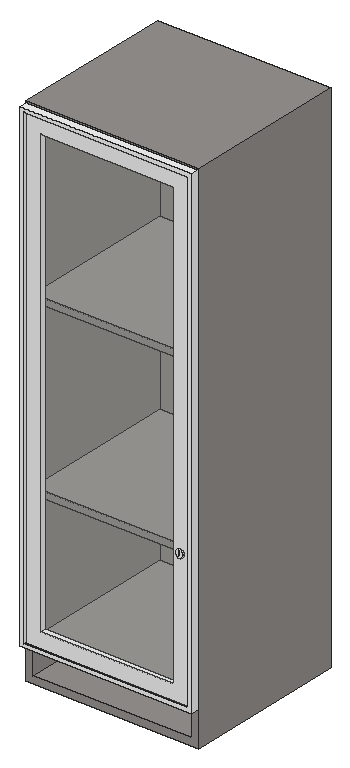
Revit family "Storage-Mounted-Teknion-BRLG_Cubic-with_Full_Glass_Doors-Low_Secondary-R2015", category Furniture, Revit 2015
Parameters (values of type "18"d x 18"w x 72"h")
  Warranty = "http://www.teknion.com/ca/papers/legal-canada"
  Wardrobe Cut Hole Depth [instance] = if(Wardrobe, 19.348", 0.500")  # 0.500"
  Wardrobe [instance] = not(Shelves)  # no
  Unit Weight URL = "http://www.teknion.com/ca/tools/assets#&asset=bee6a381-b954-425e-8283-5a2de3a804f2,f828d448-4b62-4231-9e5f-9a8991c0ed77"
  URL = "www.teknion.com"
  Sustainability Data = "http://www.teknion.com/ca/tools/assets#&topic=216f99a5-57a0-44fc-b10a-9dee9b29ae4c&asset=444deb64-fe58-4b68-981e-f75e97781df7"
  Shelf Vertical Offset [instance] = if(Height = 66.000", 15.756", 17.836")  # 17.836"
  Series = "Expansion Casegoods"  # constant formula
  Individual Doors Cut Hole Depth [instance] = if(Shelves, 19.348", 0.500")  # 19.348"
  Product Page URL = "http://www.teknion.com/ca/products/product-details?productlineid=0053336e-8e7a-673b-a6c8-ff00004460c4"
  Product Line = "Expansion Casegoods"  # constant formula
  Product Documentation Link = "http://www.teknion.com/pricing/expansion-casegoods/pdfs/BRLG_ppg.pdf"
  Part Number = "BRLG"  # constant formula
  Model = "BRLG_181872_"
  Manufacturer Phone = "416-661-3370"  # constant formula
  Manufacturer Fax = "416.661.4586"  # constant formula
  Manufacturer Contact Information = "http://www.teknion.com/ca/contactus"
  Manufacturer Address = "1150 Flint Road, Toronto, ON. M3J 2J5. Canada"  # constant formula
  Manufacturer = "Teknion"  # constant formula
  Shelves [instance] = yes
  Height = 72.000"
  Glass Finish [instance] = Back-painted Glass - K7 - Teknion - Very White
  Frame Finish [instance] = Mica - Teknion - V - Satin - Very White
  Description = "Tower with Full Glass Door – Low Secondary Desk Mounted,18\"d x 18\"w x 72\"h"
  Case Finish [instance] = Source Laminate - Teknion - DE - Latte
  Assembly Code = "E2020200"
  Actual Height = if(Height = 66.000", 65.165", 71.405")  # 71.405"
Types (3): name | Shelf Vertical Offset | Model | Height | Description | Actual Height
  (no name) | 17.836" | "BRLG_181872_" | 72.000" | "Tower with Full Glass Door – Low Secondary Desk Mounted,18\"d x 18\"w x 72\"h" | 71.405"
  18"d x 18"w x 66"h | 15.756" | "BRLG_181866_" | 66.000" | "Tower with Full Glass Door – Low Secondary Desk Mounted,18\"d x 18\"w x 66\"h" | 65.165"
  18"d x 18"w x 72"h | 17.836" | "BRLG_181872_" | 72.000" | "Tower with Full Glass Door – Low Secondary Desk Mounted,18\"d x 18\"w x 72\"h" | 71.405"
Reference planes (in)
  plane 1 "Center Front/Back": y = 0
  plane 2: z = 0
  plane 3 "Center Left/Right": x = 0
  plane 4 "Left": x = -8.955
  plane 5 "Right": x = 8.955
  plane 6 "Back": y = 8.58071
  plane 7 "Front": y = -8.58071
  plane 8 "Top": z = 71.405
  plane 9: y = -8.7185
  plane 10: y = -9.41929
  plane 11: z = 53.4506
  plane 12: z = 53.33262
  plane 13: z = 35.49662
  plane 14: z = 35.37851
  plane 15: z = 17.54251
  plane 16: z = 71.28689
  plane 17: x = -8.254
  plane 18: x = 8.254
  plane 19: y = 7.87971
  plane 20: z = 17.4244
  plane 21: y = -11.4685
  plane 22: y = -9.18307
  plane 23: y = -9.30118
  plane 24: z = 70.70377
Forms (in)
  Extrusion 1, solid, material "Source Laminate - Teknion - DE - Latte" <- "Case Finish"
    sketch origin (0, 0, 0) x (1, 0, 0) y (0, 1, 0)
      loop
        line (-8.955, 8.58071) -> (-8.955, -8.58071) -> (8.955, -8.58071) -> (8.955, 8.58071) -> (-8.955, 8.58071)
    from 17.4244 to 71.405
  Extrusion 2, solid, material "Mica - Teknion - V - Satin - Very White" <- "Frame Finish"
    sketch origin (-8.955, -8.7185, 48) x (-1, 0, 0) y (0, 0, 1)
      loop
        line (-0.05906, 23.28689) -> (-17.85094, 23.28689) -> (-17.85094, -26.97324) -> (-0.05906, -26.97324) -> (-0.05906, 23.28689)
      loop
        line (-17.47693, 22.91243) -> (-17.47693, -26.59922) -> (-0.43307, -26.59922) -> (-0.43307, 22.91243) -> (-17.47693, 22.91243)
    from 0.1378 to -0.70079
  Extrusion 3, solid, material "Mica - Teknion - V - Satin - Very White"
    sketch origin (-8.955, -9.41929, 32.10272) x (-1, 0, 0) y (0, 0, 1)
      loop
        line (-16.62063, 3.50082) -> (-16.62063, 3.1268) -> (-16.5222, 3.1268) -> (-16.5222, 3.50082) -> (-16.62063, 3.50082)
      loop
        circle (-16.57142, 3.31381) r 0.40008
    from 0.11811 to 0.05906
  Extrusion 4, solid, material "Back-painted Glass - K7 - Teknion - Very White" <- "Glass Finish"
    sketch origin (-8.52193, -9.18307, 48) x (-1, 0, 0) y (0, 0, 1)
      loop
        line (0, 22.91243) -> (-17.04386, 22.91243) -> (-17.04386, -26.59922) -> (0, -26.59922) -> (0, 22.91243)
    from 0 to -0.11811
  Extrusion 5, solid, material "Mica - Teknion - V - Satin - Very White" <- "Frame Finish"
    sketch origin (-8.52193, -9.18307, 48) x (-1, 0, 0) y (0, 0, 1)
      loop
        line (-17.04386, 22.91243) -> (-17.04386, -26.59922) -> (0, -26.59922) -> (0, 22.91243) -> (-17.04386, 22.91243)
      loop
        line (-1.59449, -25.00473) -> (-1.59449, 21.31794) -> (-15.44937, 21.31794) -> (-15.44937, -25.00473) -> (-1.59449, -25.00473)
    from 0 to 0.46457
  Extrusion 6, void
    sketch origin (-8.52193, -9.18307, 48) x (1, 0, 0) y (0, 0, 1)
      loop
        line (0.26793, 5.75369) -> (16.77593, 5.75369) -> (16.77593, 22.70377) -> (0.26793, 22.70377) -> (0.26793, 5.75369)
      loop
        line (0.26793, -12.22395) -> (16.77593, -12.22395) -> (16.77593, 5.0529) -> (0.26793, 5.0529) -> (0.26793, -12.22395)
      loop
        line (0.26793, -12.92473) -> (0.26793, -26.33151) -> (16.77593, -26.33151) -> (16.77593, -12.92473) -> (0.26793, -12.92473)
    from -17.06257 to 2.28543
  Extrusion 7, void
    sketch origin (-8.955, -11.4685, 48) x (1, 0, 0) y (0, 0, 1)
      loop
        line (0.70079, -27.03229) -> (0.70079, -29.87481) -> (17.20921, -29.87481) -> (17.20921, -27.03229) -> (0.70079, -27.03229)
    from -2.8878 to -19.34821
  Extrusion 8, void
    sketch origin (-8.955, -11.4685, 48) x (1, 0, 0) y (0, 0, 1)
      loop
        line (0.701, -26.33151) -> (17.209, -26.33151) -> (17.209, 22.70377) -> (0.701, 22.70377) -> (0.701, -26.33151)
    from 0 to -0.5
Cuts and joins
  Extrusion 6, Extrusion 7, Extrusion 8 cuts Extrusion 1
Lines and regions (in)
  Masking region 1, detail levels fine
    outline origin (0, 0.11811, 0) x (1, 0, 0) y (0, 1, 0)
      loop
        line (7.21649, -9.47835) -> (8.01649, -9.47835) -> (8.01649, -9.41929) -> (7.21649, -9.41929) -> (7.21649, -9.47835)
  Masking region 2
    outline origin (0, 0, 0) x (1, 0, 0) y (0, 1, 0)
      loop
        line (-8.955, 8.58071) -> (-8.955, -9.41929) -> (8.955, -9.41929) -> (8.955, 8.58071) -> (-8.955, 8.58071)
  symbolic lines, detail levels medium+fine
    curve 1: line (-8.955, -8.58071, 0) -> (8.955, -8.58071, 0)
    curve 2: line (8.955, -8.7185, 0) -> (-8.955, -8.7185, 0)
  symbolic lines, style "FurnitureHiddenLines", detail levels medium+fine
    curve 3: line (8.254, 7.87971, 0) -> (-8.254, 7.87971, 0)
    curve 4: line (-8.254, 7.87971, 0) -> (-8.254, -8.58071, 0)
    curve 5: line (8.52193, -8.7185, 0) -> (8.52193, -9.41929, 0)
    curve 6: line (-8.52193, -9.18307, 0) -> (8.52193, -9.18307, 0)
    curve 7: line (-8.52193, -9.30118, 0) -> (8.52193, -9.30118, 0)
    curve 8: line (-8.52193, -9.41929, 0) -> (-8.52193, -8.7185, 0)
    curve 11: line (8.254, -8.58071, 0) -> (8.254, 7.87971, 0)
  symbolic lines, style "FurnitureHiddenLines", detail levels fine
    curve 9: line (6.92744, -8.7185, 0) -> (6.92744, -9.18307, 0)
    curve 10: line (-6.92744, -9.18307, 0) -> (-6.92744, -8.7185, 0)
  symbolic lines, style "FurnitureHiddenLines"
    curve 12: line (8.52193, -11.4685, 21.40078) -> (-8.52193, -11.4685, 46.1566)
    curve 13: line (-8.52193, -11.4685, 46.1566) -> (8.52193, -11.4685, 70.91243)
Dimensions and locks (in)
  locked: plane 4 "Left" to plane 5 "Right" at 17.91
  locked: plane 6 "Back" to plane 7 "Front" at 17.16142
  "Actual Height": plane 8 "Top" to level
  equal spacing: plane 4 "Left", plane 3 "Center Left/Right", plane 5 "Right"
  equal spacing: plane 7 "Front", plane 1 "Center Front/Back", plane 6 "Back"
  locked: plane 9 to plane 10 at 0.70079
  locked: plane 7 "Front" to plane 9 at 0.1378
  "Shelf Vertical Offset": plane 14 to plane 15
  "Shelf Vertical Offset": plane 12 to plane 13
  locked: plane 8 "Top" to plane 16 at 0.11811
  locked: plane 13 to plane 14 at 0.11811
  locked: plane 17 to plane 4 "Left" at 0.701
  locked: plane 18 to plane 5 "Right" at 0.701
  locked: plane 19 to plane 6 "Back" at 0.701
  Extrusion 3 sketch curve to Extrusion 3 sketch curve to plane 20 = 0.37402" locked, 17.80512" locked
  Extrusion 3 sketch curve to Extrusion 3 sketch curve to plane 5 "Right" = 0.09843" locked, 1.28937" locked
  locked: Extrusion 3 sketch curve to cut or joined group of Extrusion 1, Extrusion 6, Extrusion 7, Extrusion 8 at 1.33858
  Masking region 1 sketch curve to Masking region 1 sketch curve to plane 5 "Right" = 0.800" locked, 0.93851" locked
  locked: plane 20 to plane 2 at 17.4244
  locked: plane 15 to plane 20 at 0.11811
  Extrusion 2 sketch curve to Extrusion 2 sketch curve to plane 4 "Left" = 0.37402" locked, 0.05906" locked
  Extrusion 2 sketch curve to Extrusion 2 sketch curve to plane 5 "Right" = 0.37402" locked, 0.05906" locked
  plane 8 "Top" to Extrusion 2 sketch curve to Extrusion 2 sketch curve = 0.11811" locked, 0.37446" locked
  locked: plane 11 to plane 12 at 0.11798
  locked: plane 10 to plane 21 at 2.04921
  Extrusion 2 sketch curve to Extrusion 2 sketch curve to plane 20 = 0.37402" locked, 3.60236" locked
  plane 22 to plane 23 to plane 10 = 0.11811" locked, 0.11811" locked
  locked: Extrusion 5 sketch curve to Extrusion 5 sketch curve at 1.59449  (x4)
  locked: Extrusion 6 sketch curve to plane 11 at 0.30309
  locked: plane 12 to Extrusion 6 sketch curve at 0.27972
  locked: Extrusion 6 sketch curve to plane 13 at 0.27943
  locked: plane 14 to Extrusion 6 sketch curve at 0.30324
  locked: Extrusion 6 sketch curve to plane 20 at 4.24409
  "Individual Doors Cut Hole Depth": Extrusion 6 to plane 21
  locked: Extrusion 7 sketch curve to plane 5 "Right" at 0.70079
  locked: Extrusion 7 sketch curve to plane 4 "Left" at 0.70079
  locked: Extrusion 7 sketch curve to plane 20 at 0.70079
  locked: Extrusion 7 sketch curve to plane 20 at 3.54331
  locked: Extrusion 8 sketch curve to plane 5 "Right" at 0.701
  locked: plane 8 "Top" to Extrusion 8 sketch curve at 0.70123
  locked: Extrusion 8 sketch curve to plane 4 "Left" at 0.701
  locked: Extrusion 8 sketch curve to plane 20 at 4.24409
  "Wardrobe Cut Hole Depth": Extrusion 8 to plane 21
  locked: plane 8 "Top" to plane 24 at 0.70123
  Extrusion 5 to Extrusion 5 = 46.32268"
  aligned and locked: level to plane 2
  aligned and locked: Extrusion 1 sketch curve to plane 4 "Left"
  aligned and locked: Extrusion 1 sketch curve to plane 6 "Back"
  aligned and locked: Extrusion 1 sketch curve to plane 5 "Right"
  aligned and locked: Extrusion 1 sketch curve to plane 7 "Front"
  aligned and locked: plane 8 "Top" to Extrusion 1
  aligned and locked: Masking region 2 sketch curve to plane 6 "Back"
  aligned and locked: Masking region 2 sketch curve to plane 4 "Left"
  aligned and locked: Masking region 2 sketch curve to plane 5 "Right"
  aligned and locked: Masking region 2 sketch curve to plane 10
  aligned and locked: Extrusion 1 to plane 20
  aligned and locked: curve 3 to plane 19
  aligned and locked: curve 2 to plane 9
  aligned and locked: curve 1 to plane 7 "Front"
  aligned and locked: Extrusion 4 to plane 22
  aligned and locked: Extrusion 4 to plane 23
  aligned and locked: Extrusion 5 to plane 22
  aligned and locked: plane 9 to Extrusion 5
  aligned and locked: plane 18 to Extrusion 6 sketch curve  (x2)
  aligned and locked: Extrusion 6 sketch curve to plane 17  (x3)
  aligned and locked: Extrusion 6 sketch curve to plane 18
  aligned and locked: Extrusion 6 to plane 21
  aligned and locked: Extrusion 7 to plane 19
  aligned and locked: plane 7 "Front" to Extrusion 7
  aligned and locked: plane 21 to Extrusion 8
  aligned and locked: plane 23 to Extrusion 3
  aligned and locked: Masking region 1 sketch curve to plane 23
  aligned and locked: curve 7 to Extrusion 4
  aligned and locked: curve 11 to cut or joined group of Extrusion 1, Extrusion 6, Extrusion 7, Extrusion 8
  aligned and locked: Extrusion 6 sketch curve to plane 24
  aligned and locked: Extrusion 2 to plane 10
  aligned and locked: Extrusion 2 to plane 7 "Front"
  aligned and locked: nested 1 to plane 10
  aligned and locked: nested 1 to plane 3 "Center Left/Right"
  aligned and locked: Extrusion 2 to curve 12
  aligned and locked: curve 12 to Extrusion 2
  aligned and locked: Extrusion 2 to curve 13  (x2)
  aligned and locked: curve 13 to Extrusion 2
Automatic sketch dimensions
  Extrusion 3 sketch curve to Extrusion 3 sketch curve = 0.18701"
  curve 1 to plane 4 "Left" = 0.000"
  curve 2 to plane 4 "Left" = 0.000"
  curve 1 to plane 5 "Right" = 0.000"
  curve 2 to plane 5 "Right" = 0.000"
  Masking region 1 sketch curve to Masking region 1 sketch curve = 0.05906"
  curve 5 to plane 10 = 0.000"
  curve 8 to plane 10 = 0.000"
  curve 3 to plane 17 = 0.000"
  curve 10 to plane 22 = 0.000"
  curve 8 to plane 17 = 0.26793"
  curve 5 to plane 18 = 0.26793"
  Extrusion 4 sketch curve to plane 18 = 0.26793"
  Extrusion 4 sketch curve to plane 17 = 0.26793"
  Extrusion 4 sketch curve to plane 15 = 3.85827"
  Extrusion 4 sketch curve to plane 24 = 0.20866"
  Extrusion 5 sketch curve to plane 18 = 0.26793"
  plane 17 to Extrusion 5 sketch curve = 1.32656"
  Extrusion 5 sketch curve to plane 15 = 3.85827"
  plane 24 to Extrusion 5 sketch curve = 1.38583"
  plane 17 to curve 10 = 1.32656"
  plane 18 to curve 9 = 1.32656"
  plane 12 to curve 13 = 7.17602"
  radius of Extrusion 3 sketch curve = 0.40008"
Nested families (in)
  nested 1: "Door-Swing_Symbol-Teknion-2D" at (0, -9.41929, 66.075) x (-1, 0, 0) z (0, 0, 1), type "Door-Swing_Symbol-Teknion-2D", detail levels fine
    with Swing Width 17.910"
Definition of nested family "Door-Swing_Symbol-Teknion-2D"
  Parameters (values of type "Door-Swing_Symbol-Teknion-2D")
    Swing Width [instance] = 13.4325"
  Reference planes (in)
    plane 1 "Center (Front/Back)": y = 0
    plane 2: z = 0
    plane 3 "Center (Left/Right)": x = 0
    plane 4: x = -6.71625
    plane 5: x = 6.71625
  Lines and regions (in)
    detail lines, in view "Ref. Level"
      curve 1: line (6.71625, 0, 0) -> (6.71625, -13.4325, 0)
      curve 2: arc (-6.71625, 0, 0) -> (-2.78196, -9.49821, 0) -> (6.71625, -13.4325, 0) r 13.4325
  Dimensions and locks (in)
    equal spacing: plane 4, plane 3 "Center (Left/Right)", plane 5
    "Swing Width": plane 4 to plane 5
    "Swing Width": curve 1 to plane 1 "Center (Front/Back)"
    "Swing Width": radius of curve 2
    aligned and locked: plane 1 "Center (Front/Back)" to curve 1
  Automatic sketch dimensions
    curve 2 to plane 4 = 0.000"
